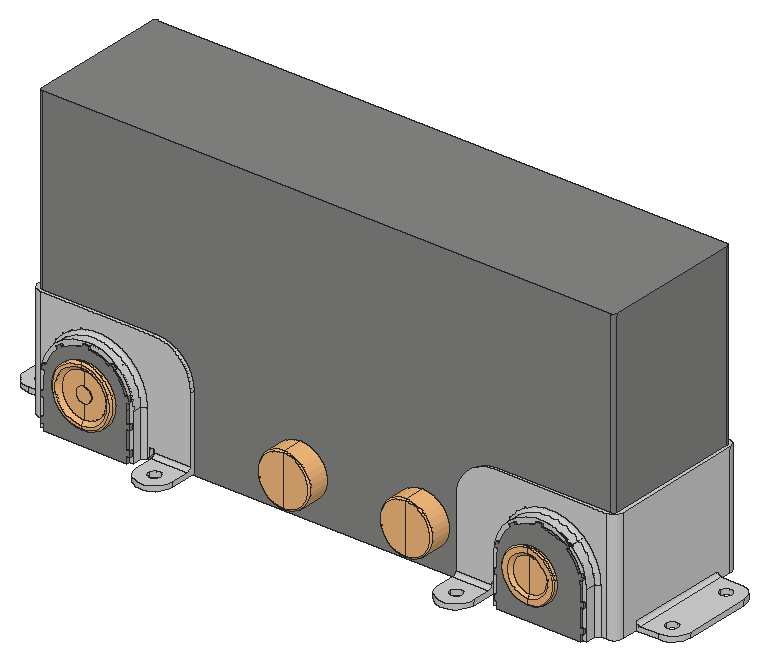
Revit family "Faucet-Valves_and_Controls-KALLISTA-P34724", category Plumbing Fixtures, host Face, Revit 2021 (continued)
Definition of nested family "P34724"
  Lines and regions (in)
    symbolic lines, detail levels medium+fine
      curve 239: arc (0, -1.79178, 0.01953) -> (0, -1.83313, 0.03666) -> (0, -1.85026, 0.07802) r 0.05848
      curve 240: arc (0, -1.24174, 0.01953) -> (0, -1.1976, 0.03782) -> (0, -1.17931, 0.08197) r 0.06244
      curve 241: arc (0, -1.17931, 0.21796) -> (0, -1.12077, 0.2765) -> (0, -1.06222, 0.21796) r 0.05854
      curve 242: line (0, 1.06235, 0.17113) -> (0, -1.06222, 0.17113)
      curve 243: line (0, -1.94331, 0.33465) -> (0, -1.94331, 1.62398)
      curve 244: line (0, 1.67323, 1.95893) -> (0, 1.67323, 0.01953)
      curve 245: line (0, 1.79191, 0.01953) -> (0, 1.79191, 1.9593)
      curve 246: line (0, -1.79178, 0.01953) -> (0, -1.79178, 1.96526)
      curve 247: line (0, -1.67323, 1.96526) -> (0, -1.67323, 0.01953)
      curve 248: line (0, 1.06235, 0.0857) -> (0, -1.06222, 0.0857)
      curve 249: line (0, 0.70866, 0.0857) -> (0, 0.70866, 0.01984)
      curve 250: line (0, -0.70866, 0.0857) -> (0, -0.70866, 0.01984)
      curve 251: line (0, 1.95526, 0.01969) -> (0, 1.95526, 0.11811)
      curve 252: line (0, -1.95526, 0.01969) -> (0, -1.95526, 0.11811)
      curve 253: line (0, -1.85039, 0.15489) -> (0, -1.79178, 0.15489)
      curve 254: line (0, -1.85039, 0.25463) -> (0, -1.79178, 0.25463)
      curve 255: line (0, -1.85039, 0.70294) -> (0, -1.79178, 0.70294)
      curve 256: line (0, -1.85039, 0.7617) -> (0, -1.79178, 0.7617)
      curve 257: line (0, -1.85039, 1.21463) -> (0, -1.79178, 1.21463)
      curve 258: line (0, -1.85039, 1.31989) -> (0, -1.79178, 1.31989)
      curve 259: line (0, -1.85039, 1.82515) -> (0, -1.79178, 1.82515)
      curve 260: line (0, -1.85039, 1.86569) -> (0, -1.79178, 1.86569)
      curve 261: line (0, 1.85039, 0.15489) -> (0, 1.79191, 0.15489)
      curve 262: line (0, 1.85039, 0.25463) -> (0, 1.79191, 0.25463)
      curve 263: line (0, 1.85039, 0.70294) -> (0, 1.79191, 0.70294)
      curve 264: line (0, 1.85039, 0.7617) -> (0, 1.79191, 0.7617)
      curve 265: line (0, 1.85039, 1.21463) -> (0, 1.79191, 1.21463)
      curve 266: line (0, 1.85039, 1.31989) -> (0, 1.79191, 1.31989)
      curve 267: line (0, 1.85039, 1.82515) -> (0, 1.79191, 1.82515)
      curve 268: line (0, 1.85039, 1.86569) -> (0, 1.79191, 1.86569)
      curve 269: line (0, 1.85039, 0.98425) -> (0, 1.59449, 0.98425)
      curve 270: line (0, -1.85039, 0.98425) -> (0, -1.59449, 0.98425)
    reference lines
      curve 156: line (-0.54134, 2.69685, 0.88583) -> (-0.54134, 1.51575, 0.88583)
      curve 157: line (2.01772, 2.8937, 0.88583) -> (2.01772, 1.51575, 0.88583)
      curve 158: line (4.57677, 2.64063, 0.88583) -> (4.57677, 1.51575, 0.88583)
    symbolic lines, detail levels coarse
      curve 271: line (-1.08259, 0, 4.87778) -> (1.08277, 0, 3.69667)
      curve 272: line (1.08277, 0, 4.87778) -> (-1.08259, 0, 3.69667)
      curve 273: line (-1.08259, 0, 3.69667) -> (-1.08259, 0, 4.87778)
      curve 274: line (0.00009, 0, 4.28722) -> (0.00009, 0, 3.22151)
      curve 275: line (1.08277, 0, 4.87778) -> (1.08277, 0, 3.69667)
      curve 276: line (-1.09977, 0, 3.22151) -> (1.06558, 0, 3.22151)
      curve 277: arc (-1.09977, 0, 3.22151) -> (-0.01709, 0, 2.45693) -> (1.06558, 0, 3.22151) r 1.14885
  Dimensions and locks (in)
    plane 7 to level = 6.10236"
    plane 5 to plane 6 = 4.88187"
    plane 12 to plane 13 = 3.97638"
    plane 15 to plane 16 = 3.0315"
    "Connector 1 Dist.": plane 21 "c1" to plane 15
    locked: Revolve 28 sketch curve to Revolve 28 sketch curve at 0.25179
    "Connector 2 Dist.": plane 22 "C2" to plane 16
    locked: Revolve 29 sketch curve to Revolve 29 sketch curve at 0.37069
    "Connector 3 Dist.": plane 23 "c3" to plane 15
    locked: Revolve 30 sketch curve to Revolve 30 sketch curve at 0.3937
    "Connector1 Angel": angle curve 156 to plane 20
    "Connector 2 Angel": angle curve 157 to plane 18 "3"
    "Connector 3 Angle": angle curve 158 to plane 8 "2"
    aligned and locked: plane 2 to level
    aligned and locked: plane 21 "c1" to curve 156
    aligned and locked: curve 156 to Revolve 28 sketch curve
    aligned and locked: Revolve 28 sketch curve to Revolve 28 sketch curve
    aligned and locked: plane 22 "C2" to curve 157
    aligned and locked: curve 157 to Revolve 29 sketch curve
    aligned and locked: Revolve 29 sketch curve to Revolve 29 sketch curve
    aligned and locked: plane 23 "c3" to curve 158
    aligned and locked: curve 158 to Revolve 30 sketch curve
    aligned and locked: Revolve 30 sketch curve to Revolve 30 sketch curve
  Automatic sketch dimensions
    plane 15 to Extrusion 1 sketch curve = 0"
    Extrusion 1 sketch curve to plane 16 = 0"
    plane 15 to Extrusion 1 sketch curve = 0.07874"  (x2)
    plane 4 to Extrusion 1 sketch curve = 0.94488"
    Extrusion 1 sketch curve to Extrusion 1 sketch curve = 0.07874"  (x2)
    plane 19 to Extrusion 1 sketch curve = 1.02362"
    plane 4 to Extrusion 2 sketch curve = 0.84646"
    level to Extrusion 2 sketch curve = 0.01969"  (x4)
    Extrusion 2 sketch curve to plane 14 = 0.54331"
    Extrusion 2 sketch curve to Extrusion 2 sketch curve = 0.05118"  (x2)
    Extrusion 2 sketch curve to Extrusion 2 sketch curve = 0.05906"  (x2)
    Extrusion 2 sketch curve to plane 14 = 0.41339"
    plane 14 to Extrusion 2 sketch curve = 0.37402"
    plane 17 to Extrusion 2 sketch curve = 0.37401"
    Extrusion 2 sketch curve to plane 17 = 0.37402"
    Extrusion 2 sketch curve to plane 17 = 0.41339"
    plane 19 to Extrusion 2 sketch curve = 0.84646"
    Extrusion 2 sketch curve to Extrusion 2 sketch curve = 0.14564"  (x2)
    plane 10 to Extrusion 2 sketch curve = 0.61024"  (x2)
    Sweep 3 sketch curve to profile plane = 0"  (x2)
    Sweep 3 sketch curve to profile plane = 0.19685"
    Sweep 4 sketch curve to profile plane = 0"  (x2)
    Sweep 4 sketch curve to profile plane = 0.19685"
    profile plane to Sweep 5 sketch curve = 0"
    Sweep 5 sketch curve to profile plane = 0"
    Sweep 5 sketch curve to Sweep 5 sketch curve = 0.19685"
    profile plane to Sweep 6 sketch curve = 0"
    Sweep 6 sketch curve to profile plane = 0"
    Sweep 6 sketch curve to profile plane = 0.19685"
    Extrusion 7 sketch curve to Extrusion 7 sketch curve = 0"  (x12)
    Extrusion 7 sketch curve to plane 4 = 0"
    Extrusion 7 sketch curve to plane 14 = 0"  (x2)
    Extrusion 7 sketch curve to plane 19 = 0"
    plane 4 to Extrusion 7 sketch curve = 0.37402"  (x2)
    Extrusion 7 sketch curve to Extrusion 7 sketch curve = 0.47244"
    Extrusion 7 sketch curve to plane 15 = 0.07874"  (x2)
    Extrusion 7 sketch curve to plane 14 = 0.37401"  (x2)
    Extrusion 7 sketch curve to plane 16 = 0.07874"  (x2)
    plane 17 to Extrusion 7 sketch curve = 0.374"  (x2)
    Extrusion 7 sketch curve to plane 17 = 0"  (x2)
    plane 15 to Extrusion 7 sketch curve = 0.45276"
    plane 19 to Extrusion 7 sketch curve = 0.84646"
    plane 19 to Extrusion 7 sketch curve = 0.37402"  (x2)
    plane 13 to Extrusion 7 sketch curve = 0.07874"  (x2)
    plane 16 to Extrusion 7 sketch curve = 0.45276"  (x2)
    Extrusion 7 sketch curve to Extrusion 7 sketch curve = 0.01969"  (x4)
    Extrusion 7 sketch curve to plane 1 "Center (Front/Back)" = 0.68898"
    plane 12 to Extrusion 7 sketch curve = 0.07874"  (x2)
    level to Extrusion 8 sketch curve = 0.01969"  (x2)
    Extrusion 8 sketch curve to plane 9 "1" = 0.95968"
    plane 10 to Extrusion 8 sketch curve = 0.00264"
    plane 9 "1" to Extrusion 8 sketch curve = 0.01473"
    plane 10 to Extrusion 8 sketch curve = 0.00659"
    Extrusion 8 sketch curve to plane 17 = 0.62009"
    Extrusion 8 sketch curve to plane 8 "2" = 0.17717"
    Extrusion 9 sketch curve to Extrusion 9 sketch curve = 0"  (x66)
    Extrusion 9 sketch curve to level = 0"  (x2)
    Extrusion 9 sketch curve to plane 10 = 0"  (x3)
    Extrusion 9 sketch curve to plane 9 "1" = 0"
    plane 8 "2" to Extrusion 9 sketch curve = 0"
    Extrusion 9 sketch curve to plane 11 "A" = 0"
    Extrusion 9 sketch curve to plane 9 "1" = 0.04432"
    Extrusion 9 sketch curve to Extrusion 9 sketch curve = 0.43249"  (x3)
    Extrusion 9 sketch curve to Extrusion 9 sketch curve = 0.03644"  (x8)
    Extrusion 9 sketch curve to Extrusion 9 sketch curve = 0.09307"  (x4)
    plane 10 to Extrusion 9 sketch curve = 0.26874"  (x4)
    Extrusion 9 sketch curve to Extrusion 9 sketch curve = 0.24912"  (x3)
    plane 10 to Extrusion 9 sketch curve = 0.15414"  (x3)
    Extrusion 9 sketch curve to Extrusion 9 sketch curve = 0.02857"  (x4)
    Extrusion 9 sketch curve to Extrusion 9 sketch curve = 0.01367"
    plane 10 to Extrusion 9 sketch curve = 0.28306"  (x4)
    Extrusion 9 sketch curve to Extrusion 9 sketch curve = 0.05742"  (x3)
    Extrusion 9 sketch curve to Extrusion 9 sketch curve = 0.05906"  (x9)
    plane 9 "1" to Extrusion 9 sketch curve = 0.07379"
    Extrusion 9 sketch curve to plane 14 = 0.7185"
    plane 11 "A" to Extrusion 9 sketch curve = 0.1378"
    Extrusion 9 sketch curve to plane 17 = 0.65946"
    plane 10 to Extrusion 9 sketch curve = 0.16845"
    Extrusion 9 sketch curve to Extrusion 9 sketch curve = 0.0153"
    level to Extrusion 9 sketch curve = 1.13839"
    plane 8 "2" to Extrusion 9 sketch curve = 0.44389"
    Extrusion 9 sketch curve to plane 8 "2" = 0.11811"
    Extrusion 9 sketch curve to Extrusion 9 sketch curve = 0.11811"  (x9)
    Extrusion 9 sketch curve to Extrusion 9 sketch curve = 0.1378"  (x3)
    level to Extrusion 9 sketch curve = 0.1378"
    plane 11 "A" to Extrusion 9 sketch curve = 0.25591"  (x3)
    Extrusion 9 sketch curve to Extrusion 9 sketch curve = 0.04664"  (x4)
    Extrusion 9 sketch curve to Extrusion 9 sketch curve = 0.05918"  (x2)
    Revolve 10 sketch curve to plane 10 = 0"  (x3)
    Revolve 10 sketch curve to plane 13 = 0"
    Revolve 10 sketch curve to plane 12 = 0"
    Revolve 10 sketch curve to plane 15 = 0"
    Revolve 10 sketch curve to plane 16 = 0"
    Revolve 10 sketch curve to plane 12 = 0.07881"
    plane 10 to Revolve 10 sketch curve = 0.46454"  (x2)
    Revolve 10 sketch curve to plane 13 = 0.07881"
    Revolve 10 sketch curve to Revolve 10 sketch curve = 0.07881"  (x2)
    Revolve 10 sketch curve to Revolve 10 sketch curve = 0.05704"  (x2)
    Revolve 10 sketch curve to Revolve 10 sketch curve = 0.03942"
    Revolve 10 sketch curve to Revolve 10 sketch curve = 0.17527"
    Revolve 10 sketch curve to plane 12 = 0.03942"
    Revolve 10 sketch curve to plane 13 = 0.03942"
    plane 5 to Revolve 10 sketch curve = 0.19685"
    Revolve 10 sketch curve to Revolve 10 sketch curve = 0.07874"
    plane 11 "A" to Revolve 11 sketch curve = 0"  (x3)
    Revolve 11 sketch curve to plane 13 = 0.07881"
    plane 10 to Revolve 11 sketch curve = 0.26086"  (x2)
    Revolve 11 sketch curve to plane 12 = 0.07881"
    Revolve 11 sketch curve to plane 12 = 0.01969"
    Revolve 11 sketch curve to Revolve 11 sketch curve = 0.05913"  (x2)
    Revolve 11 sketch curve to plane 13 = 0.01969"
    Revolve 11 sketch curve to Revolve 11 sketch curve = 0.11308"  (x2)
    Revolve 11 sketch curve to plane 13 = 0.04488"
    Revolve 11 sketch curve to Revolve 11 sketch curve = 0.01969"  (x2)
    Revolve 11 sketch curve to Revolve 11 sketch curve = 0.0252"
    Revolve 11 sketch curve to plane 15 = 0.09843"
    Revolve 11 sketch curve to plane 16 = 0.09843"
    plane 5 to Revolve 11 sketch curve = 0.32325"
    Revolve 11 sketch curve to plane 6 = 0.16487"
    profile plane to Sweep 12 sketch curve = 0"
    Sweep 12 sketch curve to profile plane = 0"
    Sweep 12 sketch curve to Sweep 12 sketch curve = 0.07874"
    Sweep 13 sketch curve to profile plane = 0"
    profile plane to Sweep 13 sketch curve = 0"
    profile plane to Sweep 13 sketch curve = 0.07874"
    profile plane to Sweep 14 sketch curve = 0"
    Sweep 14 sketch curve to profile plane = 0"
    Sweep 14 sketch curve to Sweep 14 sketch curve = 0.07874"
    Extrusion 15 sketch curve to plane 16 = 0.15748"
    Extrusion 15 sketch curve to Extrusion 15 sketch curve = 0.07874"  (x2)
    Extrusion 15 sketch curve to plane 15 = 0.07874"
    level to Extrusion 15 sketch curve = 0.11811"  (x2)
    Extrusion 16 sketch curve to plane 16 = 0.15748"
    Extrusion 16 sketch curve to Extrusion 16 sketch curve = 0.07874"  (x2)
    Extrusion 16 sketch curve to plane 15 = 0.07874"
    level to Extrusion 16 sketch curve = 0.11811"  (x2)
    Extrusion 18 sketch curve to level = 0"  (x2)
    Extrusion 18 sketch curve to plane 9 "1" = 0.86125"
    plane 10 to Extrusion 18 sketch curve = 0.00545"  (x2)
    plane 9 "1" to Extrusion 18 sketch curve = 0.01473"
    plane 8 "2" to Extrusion 18 sketch curve = 0.69882"
    Extrusion 18 sketch curve to plane 8 "2" = 0.17717"
    Extrusion 20 sketch curve to Extrusion 20 sketch curve = 0"  (x16)
    Extrusion 20 sketch curve to plane 4 = 0"
    Extrusion 20 sketch curve to plane 5 = 0"  (x2)
    plane 6 to Extrusion 20 sketch curve = 0"  (x2)
    Extrusion 20 sketch curve to plane 19 = 0"
    plane 4 to Extrusion 20 sketch curve = 0.37402"  (x2)
    Extrusion 20 sketch curve to Extrusion 20 sketch curve = 0.47244"
    Extrusion 20 sketch curve to plane 14 = 0.37401"  (x2)
    Extrusion 20 sketch curve to plane 16 = 0.07874"  (x2)
    plane 14 to Extrusion 20 sketch curve = 0"  (x2)
    plane 14 to Extrusion 20 sketch curve = 0.37402"  (x2)
    plane 17 to Extrusion 20 sketch curve = 0.374"  (x2)
    Extrusion 20 sketch curve to plane 17 = 0"  (x2)
    Extrusion 20 sketch curve to plane 15 = 0.07874"  (x2)
    Extrusion 20 sketch curve to plane 17 = 0.37402"  (x2)
    plane 19 to Extrusion 20 sketch curve = 0.84646"
    plane 19 to Extrusion 20 sketch curve = 0.37402"  (x2)
    plane 13 to Extrusion 20 sketch curve = 0.07874"  (x2)
    plane 16 to Extrusion 20 sketch curve = 0.45276"  (x2)
    Extrusion 20 sketch curve to Extrusion 20 sketch curve = 0.35433"  (x4)
    Extrusion 20 sketch curve to plane 1 "Center (Front/Back)" = 0.70866"  (x2)
    plane 12 to Extrusion 20 sketch curve = 0.07874"  (x2)
    Extrusion 20 sketch curve to Extrusion 20 sketch curve = 0.12598"  (x4)
    Extrusion 20 sketch curve to plane 14 = 0.12598"  (x2)
    plane 17 to Extrusion 20 sketch curve = 0.12597"  (x2)
    Extrusion 21 sketch curve to plane 9 "1" = 0"
    Extrusion 21 sketch curve to plane 10 = 0"
    Extrusion 22 sketch curve to plane 9 "1" = 0"
    plane 8 "2" to Extrusion 22 sketch curve = 0"
    Extrusion 22 sketch curve to plane 11 "A" = 0"
    Extrusion 22 sketch curve to plane 10 = 0"
    level to Extrusion 23 sketch curve = 0.11811"  (x2)
    plane 4 to Extrusion 23 sketch curve = 0.76772"
    Extrusion 23 sketch curve to Extrusion 23 sketch curve = 0.07874"  (x2)
    plane 19 to Extrusion 23 sketch curve = 0.84646"
    Revolve 24 sketch curve to plane 15 = 0"
    Revolve 24 sketch curve to plane 16 = 0"
    plane 11 "A" to Revolve 24 sketch curve = 0"  (x3)
    Revolve 24 sketch curve to plane 13 = 0.01969"
    plane 10 to Revolve 24 sketch curve = 0.42443"  (x2)
    Revolve 24 sketch curve to plane 12 = 0.01969"
    Revolve 24 sketch curve to Revolve 24 sketch curve = 0.02833"  (x3)
    Revolve 24 sketch curve to plane 12 = 0.04801"
    plane 5 to Revolve 24 sketch curve = 1.51581"
    plane 6 to Revolve 24 sketch curve = 0.49208"
    Sweep 25 sketch curve to profile plane = 0"
    profile plane to Sweep 25 sketch curve = 0"
    profile plane to Sweep 25 sketch curve = 0.07874"
    Extrusion 26 sketch curve to Extrusion 26 sketch curve = 0"  (x4)
    Extrusion 26 sketch curve to plane 11 "A" = 0"  (x2)
    plane 20 to Extrusion 26 sketch curve = 0"
    plane 18 "3" to Extrusion 26 sketch curve = 0"
    level to Extrusion 26 sketch curve = 0.33465"  (x2)
    Revolve 27 sketch curve to plane 15 = 0"
    Revolve 27 sketch curve to plane 16 = 0"
    plane 11 "A" to Revolve 27 sketch curve = 0"  (x3)
    Revolve 27 sketch curve to plane 13 = 0.01969"
    plane 10 to Revolve 27 sketch curve = 0.42443"  (x2)
    Revolve 27 sketch curve to plane 12 = 0.01969"
    Revolve 27 sketch curve to Revolve 27 sketch curve = 0.02833"  (x3)
    Revolve 27 sketch curve to plane 12 = 0.04801"
    plane 5 to Revolve 27 sketch curve = 1.51581"
    plane 6 to Revolve 27 sketch curve = 0.49208"
    curve 156 to Revolve 28 sketch curve = 0.15748"
    Revolve 28 sketch curve to curve 156 = 0.20097"
    curve 156 to Revolve 28 sketch curve = 0.09752"
    curve 156 to Revolve 28 sketch curve = 0.38443"
    Revolve 29 sketch curve to curve 157 = 0"
    Revolve 29 sketch curve to curve 157 = 0.08207"
    Revolve 29 sketch curve to curve 157 = 0.15748"
    Revolve 29 sketch curve to Revolve 29 sketch curve = 0.9252"
    curve 158 to Revolve 30 sketch curve = 0.49049"
    curve 158 to Revolve 30 sketch curve = 0.73125"
    Revolve 30 sketch curve to curve 158 = 0.15748"
    Revolve 30 sketch curve to Revolve 30 sketch curve = 0.07202"
    curve 156 to plane 20 = 0"
    curve 157 to plane 18 "3" = 0"
    curve 158 to plane 8 "2" = 0"
    Masking region 1 sketch curve to plane 4 = 0"
    plane 31 to Masking region 1 sketch curve = 0"
    Masking region 1 sketch curve to level = 0"
    Masking region 1 sketch curve to plane 7 = 0"
    plane 32 to Masking region 1 sketch curve = 0"
    plane 19 to Masking region 1 sketch curve = 0"
    plane 31 to Masking region 1 sketch curve = 0.07874"
    level to Masking region 1 sketch curve = 0.01969"  (x2)
    Masking region 1 sketch curve to plane 31 = 0.0723"
    Masking region 1 sketch curve to plane 31 = 0.09843"  (x2)
    Masking region 1 sketch curve to Masking region 1 sketch curve = 0"  (x3)
    Masking region 1 sketch curve to Masking region 1 sketch curve = 0.02612"  (x2)
    Masking region 1 sketch curve to Masking region 1 sketch curve = 0.02759"
    Masking region 1 sketch curve to Masking region 1 sketch curve = 0.02819"
    plane 32 to Masking region 1 sketch curve = 0.12661"
    plane 32 to Masking region 1 sketch curve = 0.12601"
    plane 32 to Masking region 1 sketch curve = 0.09843"  (x2)
    Masking region 1 sketch curve to plane 32 = 0.07874"
    Masking region 1 sketch curve to Masking region 1 sketch curve = 0.09843"
    level to Masking region 1 sketch curve = 0.11811"
    plane 10 to Masking region 1 sketch curve = 1.39764"  (x2)
    Masking region 1 sketch curve to Masking region 1 sketch curve = 0.79735"
    Masking region 1 sketch curve to Masking region 1 sketch curve = 0.01627"
    Masking region 1 sketch curve to Masking region 1 sketch curve = 0.81363"
    Masking region 1 sketch curve to Masking region 1 sketch curve = 0.02942"  (x2)
    Masking region 1 sketch curve to Masking region 1 sketch curve = 0.01314"
    Masking region 1 sketch curve to Masking region 1 sketch curve = 0.75555"  (x2)
    Masking region 1 sketch curve to Masking region 1 sketch curve = 0.01593"  (x2)
    Masking region 1 sketch curve to Masking region 1 sketch curve = 0.03185"  (x2)
    plane 9 "1" to curve 181 = 0.23639"
    curve 182 to curve 186 = 0.02816"
    plane 10 to curve 186 = 0.12751"
    curve 182 to curve 186 = 0.06213"
    curve 185 to curve 183 = 0.072"
    plane 10 to curve 188 = 0.06333"
    curve 186 to curve 188 = 0.06509"
    plane 10 to curve 183 = 0.17397"
    curve 182 to curve 183 = 0.03411"
    curve 184 to curve 187 = 0.02797"
    curve 187 to curve 184 = 0.05512"
    plane 11 "A" to curve 189 = 0.0351"
    curve 189 to curve 189 = 0.11431"
    curve 187 to curve 182 = 0.05775"
    curve 187 to curve 184 = 0.04877"
    curve 182 to curve 185 = 0.03556"
    curve 185 to curve 191 = 0.0263"
    curve 181 to plane 9 "1" = 0.35416"
    curve 185 to curve 181 = 0.05559"
    plane 10 to curve 192 = 0.15249"
    plane 10 to curve 193 = 0.13422"
    curve 189 to curve 189 = 0.04292"
    curve 193 to curve 184 = 0.0435"
    curve 184 to curve 194 = 0.01132"
    plane 9 "1" to Extrusion 31 sketch curve = 0.0006"
    plane 10 to Extrusion 31 sketch curve = 0.00301"
    curve 25 to curve 26 = 0"  (x2)
    curve 25 to curve 27 = 0"  (x2)
    curve 25 to curve 28 = 0"  (x2)
    curve 25 to curve 29 = 0"  (x2)
    curve 25 to curve 30 = 0"  (x2)
    curve 25 to curve 31 = 0"  (x2)
    curve 25 to curve 32 = 0"  (x2)
    curve 26 to curve 27 = 0"  (x2)
    curve 26 to curve 28 = 0"  (x2)
    curve 26 to curve 29 = 0"  (x2)
    curve 26 to curve 30 = 0"  (x2)
    curve 26 to curve 31 = 0"  (x2)
    curve 26 to curve 32 = 0"  (x2)
    curve 27 to curve 28 = 0"  (x2)
    curve 27 to curve 29 = 0"  (x2)
    curve 27 to curve 30 = 0"  (x2)
    curve 27 to curve 31 = 0"  (x2)
    curve 27 to curve 32 = 0"  (x2)
    curve 28 to curve 29 = 0"  (x2)
    curve 28 to curve 30 = 0"  (x2)
    curve 28 to curve 31 = 0"  (x2)
    curve 28 to curve 32 = 0"  (x2)
    curve 29 to curve 30 = 0"  (x2)
    curve 29 to curve 31 = 0"  (x2)
    curve 29 to curve 32 = 0"  (x2)
    curve 30 to curve 31 = 0"  (x2)
    curve 30 to curve 32 = 0"  (x2)
    curve 31 to curve 32 = 0"  (x2)
    curve 42 to curve 46 = 0"  (x2)
    curve 42 to curve 50 = 0"  (x2)
    curve 42 to curve 54 = 0"  (x2)
    curve 42 to curve 58 = 0"  (x2)
    curve 42 to curve 62 = 0"  (x2)
    curve 46 to curve 50 = 0"  (x2)
    curve 46 to curve 54 = 0"  (x2)
    curve 46 to curve 58 = 0"  (x2)
    curve 46 to curve 62 = 0"  (x2)
    curve 50 to curve 54 = 0"  (x2)
    curve 50 to curve 58 = 0"  (x2)
    curve 50 to curve 62 = 0"  (x2)
    curve 54 to curve 58 = 0"  (x2)
    curve 54 to curve 62 = 0"  (x2)
    curve 58 to curve 62 = 0"  (x2)
    curve 99 to curve 103 = 0"  (x2)
    curve 99 to curve 107 = 0"  (x2)
    curve 99 to curve 111 = 0"  (x2)
    curve 99 to curve 115 = 0"  (x2)
    curve 99 to curve 119 = 0"  (x2)
    curve 103 to curve 107 = 0"  (x2)
    curve 103 to curve 111 = 0"  (x2)
    curve 103 to curve 115 = 0"  (x2)
    curve 103 to curve 119 = 0"  (x2)
    curve 107 to curve 111 = 0"  (x2)
    curve 107 to curve 115 = 0"  (x2)
    curve 107 to curve 119 = 0"  (x2)
    curve 111 to curve 115 = 0"  (x2)
    curve 111 to curve 119 = 0"  (x2)
    curve 115 to curve 119 = 0"  (x2)
    curve 136 to curve 137 = 0"  (x2)
    curve 136 to curve 138 = 0"  (x2)
    curve 136 to curve 139 = 0"  (x2)
    curve 136 to curve 140 = 0"  (x2)
    curve 136 to curve 141 = 0"  (x2)
    curve 136 to curve 142 = 0"  (x2)
    curve 136 to curve 143 = 0"  (x2)
    curve 136 to curve 195 = 0"  (x2)
    curve 136 to curve 196 = 0"  (x2)
    curve 137 to curve 138 = 0"  (x2)
    curve 137 to curve 139 = 0"  (x2)
    curve 137 to curve 140 = 0"  (x2)
    curve 137 to curve 141 = 0"  (x2)
    curve 137 to curve 142 = 0"  (x2)
    curve 137 to curve 143 = 0"  (x2)
    curve 137 to curve 195 = 0"  (x2)
    curve 137 to curve 196 = 0"  (x2)
    curve 138 to curve 139 = 0"  (x2)
    curve 138 to curve 140 = 0"  (x2)
    curve 138 to curve 141 = 0"  (x2)
    curve 138 to curve 142 = 0"  (x2)
    curve 138 to curve 143 = 0"  (x2)
    curve 138 to curve 195 = 0"  (x2)
    curve 138 to curve 196 = 0"  (x2)
    curve 139 to curve 140 = 0"  (x2)
    curve 139 to curve 141 = 0"  (x2)
    curve 139 to curve 142 = 0"  (x2)
    curve 139 to curve 143 = 0"  (x2)
    curve 139 to curve 195 = 0"  (x2)
    curve 139 to curve 196 = 0"  (x2)
    curve 140 to curve 141 = 0"  (x2)
    curve 140 to curve 142 = 0"  (x2)
    curve 140 to curve 143 = 0"  (x2)
    curve 140 to curve 195 = 0"  (x2)
    curve 140 to curve 196 = 0"  (x2)
    curve 141 to curve 142 = 0"  (x2)
    curve 141 to curve 143 = 0"  (x2)
    curve 141 to curve 195 = 0"  (x2)
    curve 141 to curve 196 = 0"  (x2)
    curve 142 to curve 143 = 0"  (x2)
    curve 142 to curve 195 = 0"  (x2)
    curve 142 to curve 196 = 0"  (x2)
    curve 143 to curve 195 = 0"  (x2)
    curve 143 to curve 196 = 0"  (x2)
    curve 148 to curve 149 = 0"  (x2)
    curve 148 to curve 150 = 0"  (x2)
    curve 148 to curve 151 = 0"  (x2)
    curve 148 to curve 199 = 0"  (x2)
    curve 148 to curve 200 = 0"  (x2)
    curve 149 to curve 150 = 0"  (x2)
    curve 149 to curve 151 = 0"  (x2)
    curve 149 to curve 199 = 0"  (x2)
    curve 149 to curve 200 = 0"  (x2)
    curve 150 to curve 151 = 0"  (x2)
    curve 150 to curve 199 = 0"  (x2)
    curve 150 to curve 200 = 0"  (x2)
    curve 151 to curve 199 = 0"  (x2)
    curve 151 to curve 200 = 0"  (x2)
    curve 152 to curve 153 = 0"  (x2)
    curve 152 to curve 154 = 0"  (x2)
    curve 152 to curve 155 = 0"  (x2)
    curve 152 to curve 197 = 0"  (x2)
    curve 152 to curve 198 = 0"  (x2)
    curve 153 to curve 154 = 0"  (x2)
    curve 153 to curve 155 = 0"  (x2)
    curve 153 to curve 197 = 0"  (x2)
    curve 153 to curve 198 = 0"  (x2)
    curve 154 to curve 155 = 0"  (x2)
    curve 154 to curve 197 = 0"  (x2)
    curve 154 to curve 198 = 0"  (x2)
    curve 155 to curve 197 = 0"  (x2)
    curve 155 to curve 198 = 0"  (x2)
    curve 195 to curve 196 = 0"  (x2)
    curve 197 to curve 198 = 0"  (x2)
    curve 199 to curve 200 = 0"  (x2)
    plane 31 to curve 167 = 0"
    curve 177 to plane 10 = 0"
    curve 33 to level = 0"
    curve 25 to plane 9 "1" = 0"
    curve 68 to level = 0"
    curve 152 to plane 11 "A" = 0"
    plane 20 to curve 152 = 0"
    plane 18 "3" to curve 151 = 0"
    curve 179 to plane 11 "A" = 0"
    curve 119 to plane 10 = 0"
    curve 125 to level = 0"
    plane 8 "2" to curve 143 = 0"
    curve 180 to plane 11 "A" = 0"
    curve 90 to level = 0"
    plane 32 to curve 165 = 0"
    curve 136 to plane 11 "A" = 0"
    curve 148 to plane 11 "A" = 0"
    curve 25 to plane 10 = 0"
    level to curve 24 = 0.01969"
    plane 27 to curve 24 = 0.12598"
    plane 10 to curve 64 = 0.00659"
    curve 64 to plane 31 = 0.3248"
    plane 10 to curve 63 = 0.00264"
    curve 65 to curve 63 = 0.07874"
    curve 160 to curve 35 = 0.03937"
    curve 63 to curve 38 = 0.03937"
    plane 10 to curve 43 = 0.16845"
    curve 63 to curve 43 = 7/128"
    curve 43 to curve 43 = 0.02857"
    curve 39 to curve 40 = 0.05906"
    curve 38 to curve 38 = 0.05906"
    curve 34 to curve 34 = 0.05906"
    level to curve 45 = 1.13839"
    curve 43 to curve 45 = 0.05742"
    plane 10 to curve 44 = 0.26874"
    curve 44 to curve 48 = 0.21269"
    level to curve 47 = 1.63661"
    curve 47 to curve 48 = 0.09307"
    curve 48 to curve 49 = 0.03644"
    curve 51 to plane 9 "1" = 0.04432"
    curve 66 to curve 42 = 0"
    curve 65 to curve 66 = 0"
    plane 9 "1" to curve 52 = 0.07379"
    curve 53 to curve 56 = 0.43249"
    curve 54 to curve 55 = 0.03644"
    curve 56 to curve 57 = 0.09307"
    curve 57 to curve 57 = 0.03644"
    plane 10 to curve 61 = 0.26874"
    curve 61 to curve 66 = 0.14067"
    plane 10 to curve 59 = 0.15414"
    curve 61 to curve 59 = 0.02857"
    curve 75 to curve 73 = 0"
    curve 71 to curve 69 = 0"
    plane 10 to curve 60 = 0.28306"
    curve 61 to curve 60 = 0.05742"
    curve 71 to curve 71 = 0.05906"
    curve 75 to curve 75 = 0.05906"
    curve 20 to curve 78 = 0.00197"
    curve 20 to curve 19 = 0.05118"
    curve 17 to curve 17 = 0.05906"
    curve 14 to plane 14 = 0.41339"
    level to curve 21 = 0.01969"
    plane 14 to curve 21 = 0.37402"
    level to curve 81 = 0.01969"
    plane 17 to curve 81 = 0.37401"
    curve 86 to plane 17 = 0.37402"
    curve 79 to plane 17 = 0.41339"
    curve 82 to curve 82 = 0.05906"
    plane 10 to curve 135 = 0.00659"
    curve 135 to plane 17 = 0.54135"
    curve 135 to curve 88 = 0.00197"
    plane 10 to curve 134 = 0.00264"
    curve 122 to curve 134 = 0.07874"
    curve 176 to curve 127 = 0.03937"
    curve 179 to curve 131 = 0.11811"
    plane 10 to curve 117 = 0.16845"
    curve 123 to curve 117 = 7/128"
    plane 10 to curve 117 = 0.28306"
    curve 116 to curve 117 = 0.02857"
    curve 127 to curve 128 = 0.05906"
    curve 131 to curve 132 = 0.05906"
    curve 126 to curve 125 = 0.05906"
    level to curve 116 = 1.13839"
    plane 10 to curve 118 = 0.26874"
    plane 8 "2" to curve 114 = 0.44389"
    curve 112 to curve 114 = 0.03644"
    curve 112 to curve 112 = 0.09307"
    curve 112 to curve 113 = 0.03644"
    curve 109 to plane 8 "2" = 0.11811"
    curve 122 to curve 99 = 0"
    curve 123 to curve 99 = 0"
    curve 109 to curve 109 = 0.11811"
    curve 107 to curve 106 = 0.43249"
    curve 107 to curve 106 = 0.03644"
    curve 106 to curve 104 = 0.09307"
    curve 103 to curve 104 = 0.03644"
    plane 10 to curve 101 = 0.26874"
    curve 101 to curve 123 = 0.14067"
    plane 10 to curve 102 = 0.15414"
    curve 103 to curve 102 = 0.02857"
    curve 90 to curve 162 = 0.09843"
    curve 97 to curve 95 = 0"
    curve 103 to curve 101 = 0.05742"
    plane 10 to curve 102 = 0.16845"
    curve 93 to curve 93 = 0.05906"
    curve 94 to curve 95 = 0.05906"
    level to curve 164 = 0.01969"
    plane 28 to curve 164 = 0.1493"
    level to curve 23 = 0.01969"
    level to curve 88 = 0.01969"
    curve 77 to curve 70 = 0.11811"
    curve 88 to curve 125 = 0.11811"
    curve 120 to curve 92 = 0.11811"
    curve 24 to curve 33 = 0.11811"
    curve 19 to curve 17 = 0.14564"
    curve 85 to curve 83 = 0.14564"
    curve 91 to curve 93 = 0.11811"
    curve 33 to curve 36 = 0.11811"
    curve 126 to curve 128 = 0.11811"
    curve 69 to curve 71 = 0.11811"
    plane 11 "A" to curve 94 = 0.25591"
    plane 11 "A" to curve 131 = 0.25591"
    plane 11 "A" to curve 72 = 0.25591"
    plane 11 "A" to curve 37 = 0.25591"
    curve 38 to curve 39 = 0.11811"
    curve 72 to curve 76 = 0.11811"
    curve 94 to curve 98 = 0.11811"
    curve 129 to curve 133 = 0.11811"
    curve 117 to curve 80 = 0.32718"
    plane 10 to curve 16 = 0.61024"
    curve 103 to curve 104 = 0.04664"
    curve 114 to curve 114 = 0.04664"
    curve 46 to curve 47 = 0.04664"
    curve 57 to curve 57 = 0.04664"
    curve 54 to curve 52 = 0.05918"
    curve 107 to curve 109 = 0.05918"
    plane 31 to curve 167 = 0.02306"
    plane 31 to curve 166 = 0.07874"
    curve 170 to plane 31 = 0.09843"
    curve 169 to curve 170 = 0"
    curve 144 to plane 31 = 0.09843"
    curve 172 to plane 31 = 0.09843"
    curve 172 to curve 173 = 0"  (x2)
    curve 169 to curve 171 = 0.02759"
    curve 172 to curve 174 = 0.02819"
    curve 65 to curve 177 = 0.00035"
    plane 32 to curve 174 = 0.12661"
    plane 32 to curve 171 = 0.12601"
    plane 32 to curve 144 = 0.09843"
    curve 174 to curve 173 = 0.02819"
    curve 171 to curve 170 = 0.02759"
    curve 171 to curve 169 = 0.02759"
    curve 165 to plane 32 = 0.02306"
    curve 124 to curve 163 = 0.07874"
    curve 124 to curve 165 = 0.03069"
    curve 67 to curve 167 = 0.03542"
    curve 134 to curve 176 = 0.04921"
    curve 89 to curve 162 = 0.04921"
    curve 23 to curve 175 = 0.04921"
    curve 24 to curve 160 = 0.04921"
    curve 81 to curve 87 = 0.09843"
    curve 22 to curve 159 = 0.09839"
    curve 89 to curve 164 = 0.09843"
    curve 163 to curve 163 = 0.09843"
    curve 166 to curve 166 = 0.09843"
    curve 24 to curve 168 = 0.09843"
    curve 163 to curve 165 = 0.02306"
    curve 166 to curve 167 = 0.02306"
    curve 161 to curve 83 = 0.01965"
    level to curve 136 = 0.33465"
    level to curve 155 = 0.33465"
    level to curve 151 = 0.33465"
    level to curve 28 = 0.34445"
    curve 136 to curve 137 = 0.01969"
    curve 148 to curve 149 = 0.02833"
    curve 152 to curve 154 = 0.02833"
    curve 28 to curve 30 = 0.03942"
    curve 27 to curve 31 = 0.05704"
    curve 137 to curve 138 = 0.11308"
    curve 26 to curve 25 = 0.07881"
    curve 138 to curve 140 = 0.05913"
    curve 79 to curve 173 = 0.79735"
    curve 173 to curve 174 = 0.01627"
    curve 173 to curve 172 = 0.02942"
    curve 172 to curve 170 = 0.75555"
    curve 170 to curve 171 = 0.01593"
    curve 171 to curve 169 = 0.01593"
    curve 144 to plane 7 = 0.37402"
    Masking region 3 sketch curve to plane 7 = 0"
    plane 15 to Masking region 3 sketch curve = 0"  (x3)
    Masking region 3 sketch curve to Masking region 3 sketch curve = 2.10588"  (x2)
    plane 30 to Masking region 3 sketch curve = 0.07874"  (x3)
    plane 30 to Masking region 3 sketch curve = 0.10732"
    Masking region 3 sketch curve to Masking region 3 sketch curve = 0.01786"  (x2)
    plane 15 to Masking region 3 sketch curve = 0.02858"
    Masking region 3 sketch curve to Masking region 3 sketch curve = 0.02167"  (x2)
    Masking region 3 sketch curve to Masking region 3 sketch curve = 0.74775"  (x2)
    plane 30 to Masking region 3 sketch curve = 0.10234"
    Masking region 3 sketch curve to Masking region 3 sketch curve = 0.01981"  (x2)
    plane 15 to Masking region 3 sketch curve = 0.0236"
    Masking region 3 sketch curve to Masking region 3 sketch curve = 0.02087"  (x2)
    Masking region 3 sketch curve to Masking region 3 sketch curve = 0.78663"  (x2)
    Masking region 3 sketch curve to Masking region 3 sketch curve = 0.33789"
    Masking region 3 sketch curve to plane 15 = 0.07889"
    Masking region 3 sketch curve to Masking region 3 sketch curve = 0.34385"
    Masking region 3 sketch curve to plane 13 = 0.1378"
    Masking region 3 sketch curve to Masking region 3 sketch curve = 0.07874"  (x3)
    Masking region 3 sketch curve to Masking region 3 sketch curve = 0.04005"
    Masking region 3 sketch curve to Masking region 3 sketch curve = 0.04783"
    Masking region 3 sketch curve to plane 12 = 0.05906"  (x2)
    Masking region 3 sketch curve to Masking region 3 sketch curve = 0.27556"
    Masking region 3 sketch curve to plane 13 = 0.09843"  (x2)
    Masking region 3 sketch curve to Masking region 3 sketch curve = 0.29337"
    Masking region 3 sketch curve to Masking region 3 sketch curve = 0.05906"
    plane 13 to Masking region 3 sketch curve = 0"
    Masking region 3 sketch curve to Masking region 3 sketch curve = 0.03942"
    level to Masking region 3 sketch curve = 0.38387"  (x2)
    Masking region 3 sketch curve to Masking region 3 sketch curve = 0.02954"
    Masking region 3 sketch curve to Masking region 3 sketch curve = 0.04922"
    Masking region 3 sketch curve to Masking region 3 sketch curve = 0.03076"
    level to Masking region 3 sketch curve = 0.11811"  (x2)
    Masking region 3 sketch curve to Masking region 3 sketch curve = 0.09843"  (x2)
    Masking region 3 sketch curve to Masking region 3 sketch curve = 0.01969"  (x2)
    Masking region 3 sketch curve to Masking region 3 sketch curve = 0.02612"  (x3)
    Masking region 3 sketch curve to Masking region 3 sketch curve = 0.03937"
    Masking region 3 sketch curve to plane 5 = 0"
    Masking region 3 sketch curve to plane 30 = 0"
    Masking region 3 sketch curve to plane 13 = 0.05906"
    Masking region 3 sketch curve to Masking region 3 sketch curve = 0.05354"  (x2)
    plane 6 to Masking region 3 sketch curve = 0"
    curve 206 to level = 0"
    curve 270 to plane 10 = 0"
    curve 204 to plane 30 = 0"
    curve 212 to plane 16 = 0"
    curve 225 to plane 16 = 0"
    curve 215 to plane 16 = 0"
    curve 214 to plane 16 = 0"
    curve 217 to plane 7 = 0"
    curve 203 to level = 0"
    curve 250 to plane 26 = 0"
    curve 231 to plane 1 "Center (Front/Back)" = 0"
    curve 249 to plane 25 = 0"
    curve 202 to plane 7 = 0"
    curve 213 to plane 15 = 0"
    curve 221 to plane 15 = 0"
    curve 224 to plane 15 = 0"
    curve 210 to plane 15 = 0"
    curve 215 to plane 15 = 0"
    curve 269 to plane 10 = 0"
    curve 269 to plane 29 = 0"
    curve 209 to level = 0"
    curve 207 to level = 0"
    level to curve 239 = 0.07802"
    curve 239 to plane 13 = 0.19641"
    curve 214 to curve 214 = 0.07874"
    curve 222 to curve 203 = 0"
    curve 216 to curve 212 = 0"
    level to curve 235 = 5/256"
    curve 203 to curve 235 = 0.19526"
    curve 240 to curve 236 = 0.06244"
    curve 236 to curve 241 = 0.05854"
    level to curve 230 = 0.01984"
    curve 230 to plane 25 = 0.35369"
    curve 230 to curve 234 = 0.05854"
    curve 229 to curve 233 = 0.06244"
    curve 218 to curve 221 = 0.07874"
    curve 219 to curve 218 = 0"
    curve 224 to curve 213 = 0"
    level to curve 245 = 5/256"
    curve 245 to plane 12 = 0.19628"
    curve 232 to curve 208 = 0.05848"
    curve 236 to curve 236 = 0.13599"
    curve 229 to curve 229 = 0.13599"
    plane 10 to curve 207 = 1.39764"
    curve 201 to curve 214 = 0.78663"
    curve 203 to curve 225 = 0.04068"
    curve 225 to curve 212 = 0.74775"
    curve 212 to curve 217 = 0.03953"
    curve 247 to plane 30 = 0.07874"
    curve 258 to curve 258 = 15/256"
    curve 206 to curve 205 = 0.03937"
    curve 243 to plane 13 = 0.04488"
    curve 252 to plane 13 = 0.03293"
    plane 29 to curve 244 = 0.07874"
    curve 209 to plane 12 = 0.05906"
    curve 251 to plane 12 = 0.03293"
    level to curve 252 = 0.01969"
    level to curve 251 = 0.01969"
    curve 205 to curve 239 = 0.00048"
    curve 237 to curve 248 = 0.06586"
    curve 251 to curve 251 = 0.09843"
    curve 252 to curve 252 = 0.09843"
    curve 239 to curve 253 = 0.07687"
    curve 232 to curve 261 = 0.07687"
    curve 242 to curve 230 = 0.04682"
    curve 261 to curve 262 = 0.09974"
    curve 253 to curve 254 = 0.09974"
    curve 254 to curve 243 = 0.08002"
    plane 11 "A" to curve 263 = 0.18288"
    plane 11 "A" to curve 255 = 0.18288"
    curve 255 to curve 256 = 0.05875"
    curve 263 to curve 264 = 0.05875"
    plane 10 to curve 257 = 0.23038"
    plane 10 to curve 265 = 0.23038"
    curve 265 to curve 266 = 0.10526"
    curve 257 to curve 258 = 0.10526"
    curve 258 to curve 243 = 0.30409"
    curve 243 to curve 259 = 0.20117"
    curve 266 to curve 267 = 0.50525"
    curve 259 to curve 206 = 0.04054"
    curve 267 to curve 268 = 0.04054"
    curve 259 to curve 260 = 0.04054"
    curve 268 to curve 209 = 0.05174"
    curve 268 to curve 208 = 0.05357"
    curve 268 to curve 244 = 0.09324"
    curve 208 to curve 245 = 0.04005"
    curve 260 to curve 205 = 0.09957"
    curve 260 to curve 247 = 0.09957"
    curve 205 to curve 246 = 0"
    curve 215 to plane 7 = 0.3937"
    plane 34 to curve 276 = 0.01285"
    plane 20 to curve 276 = 0.55843"
    plane 20 to curve 271 = 0.54125"
    curve 277 to plane 3 "Center (Left/Right)" = 0.01709"
    plane 18 "3" to curve 272 = 0.93495"
    curve 274 to curve 277 = 0.38428"
    curve 272 to plane 33 = 0.29939"
    curve 275 to plane 33 = 0.29939"
    plane 33 to curve 272 = 0.88171"
    plane 33 to curve 273 = 0.88171"
    plane 3 "Center (Left/Right)" to curve 274 = 0.00009"
    plane 15 to Masking region 2 sketch curve = 0.00821"
    Masking region 2 sketch curve to plane 31 = 0.17727"  (x2)
    Masking region 2 sketch curve to Masking region 2 sketch curve = 0.07874"
    plane 15 to Masking region 2 sketch curve = 0.08695"  (x2)
    plane 16 to Masking region 2 sketch curve = 0.07053"
    plane 16 to Masking region 2 sketch curve = 0.07014"  (x2)
    Masking region 2 sketch curve to plane 16 = 0.0086"
    Masking region 2 sketch curve to Masking region 2 sketch curve = 0.0001"
    plane 32 to Masking region 2 sketch curve = 0.17026"
    Extrusion 17 sketch curve to plane 16 = 0"
    plane 15 to Extrusion 17 sketch curve = 0"
    Extrusion 17 sketch curve to plane 31 = 0.09843"
    Extrusion 17 sketch curve to Extrusion 17 sketch curve = 0.07726"
    Extrusion 17 sketch curve to Extrusion 17 sketch curve = 0.07887"
    plane 16 to Extrusion 17 sketch curve = 0.07943"
    plane 32 to Extrusion 17 sketch curve = 0.17786"
    Extrusion 17 sketch curve to Extrusion 17 sketch curve = 0.07805"
    Extrusion 19 sketch curve to plane 31 = 0"
    Extrusion 19 sketch curve to plane 35 = 0"
    Extrusion 19 sketch curve to plane 16 = 0"  (x2)
    plane 15 to Extrusion 19 sketch curve = 0"  (x2)
    Extrusion 19 sketch curve to plane 30 = 0"
    Extrusion 19 sketch curve to plane 29 = 0"
    plane 30 to Extrusion 19 sketch curve = 0"
    plane 29 to Extrusion 19 sketch curve = 0"
    Extrusion 19 sketch curve to plane 32 = 0"
    plane 35 to Extrusion 19 sketch curve = 0.07821"
    plane 35 to Extrusion 19 sketch curve = 0.07877"
    Extrusion 19 sketch curve to Extrusion 19 sketch curve = 0.02022"
    Extrusion 19 sketch curve to Extrusion 19 sketch curve = 0.01966"
    plane 14 to Extrusion 19 sketch curve = 0.37402"  (x2)
    plane 17 to Extrusion 19 sketch curve = 0.37401"  (x2)
    plane 38 to Extrusion 19 sketch curve = 0.10534"  (x2)
    Extrusion 19 sketch curve to Extrusion 19 sketch curve = 0.021"
    plane 38 to Extrusion 19 sketch curve = 0.08208"
    plane 38 to Extrusion 19 sketch curve = 0.00691"
    radius of Extrusion 7 sketch curve = 0.12598"  (x8)
    radius of Extrusion 9 sketch curve = 0.54335"
    radius of Extrusion 9 sketch curve = 0.41841"
    radius of Extrusion 21 sketch curve = 0.15748"
    radius of Extrusion 22 sketch curve = 0.63981"
    radius of Extrusion 22 sketch curve = 0.55118"
    radius of Extrusion 31 sketch curve = 0.15748"
    radius of curve 195 = 0.19685"
    radius of curve 196 = 0.16818"
    radius of curve 197 = 0.19685"
    radius of curve 198 = 0.16373"
    radius of curve 199 = 0.19685"
    radius of curve 200 = 0.15747"
